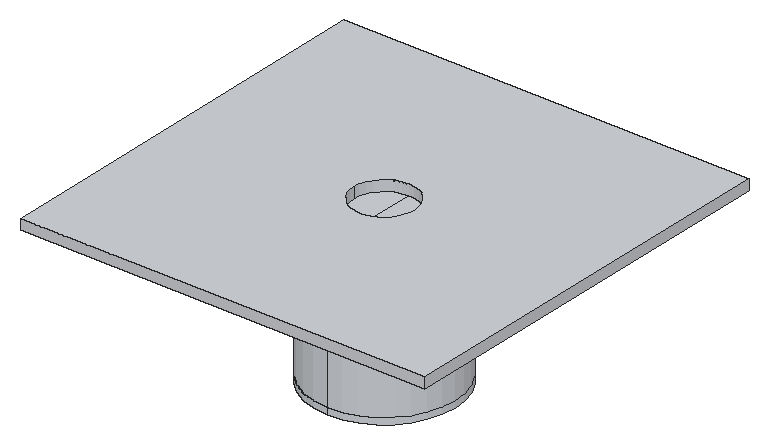
Revit family "Civic 210x225", category Lighting Fixtures, Revit 2014
Parameters (values of type "Civic Ø210 x 225H")
  Wattage Comments = "17.5"
  Wattage = 17.5 W
  built-in parameter 1150110 = 1 (stored number, unit not read)
  Type Comments = "Recessed"
  Type = "Civic Ø210 x 225H"
  built-in parameter 1114217 = 1 (stored number, unit not read)
  built-in parameter 1150109 = 1 (stored number, unit not read)
  built-in parameter 1150134 = 12
  built-in parameter 1150113 = 1 (stored number, unit not read)
  O/A Diameter (mm) = "210"
  Model = "A4000/S-JJL"
  Manufacturer = "Designed Architectural Lighting"
  Luminous flux of luminaire (lm) = "2500 Lumens"
  Lumens = 2450 lm
  built-in parameter 1150115 = 1 (stored number, unit not read)
  built-in parameter 1150105 = 779.86 (stored number, unit not read)
  Light Source Symbol Size = 609.6 mm
  built-in parameter 1150137 = (empty or 0)
  built-in parameter 1150139 = (empty or 0)
  built-in parameter 1150112 = 1 (stored number, unit not read)
  built-in parameter 1150114 = 1 (stored number, unit not read)
  Lamp = "LED"
  built-in parameter 1150132 = (empty or 0)
  built-in parameter 1150102 = (empty or 0)
  built-in parameter 1150138 = (empty or 0)
  built-in parameter 1150107 = 4000 (stored number, unit not read)
  built-in parameter 1150106 = 7.7986 (stored number, unit not read)
  Height (mm) = "225"
  built-in parameter 1150104 = 13.006 (stored number, unit not read)
  Dimming Lamp Color Temperature Shift = <None>
  Description = "Recessed low brightness LED trimless downlighter"
  Colour temperature (K) = "4000K"
  Color Filter = 16777215
  CRI = "90"
  built-in parameter 1114218 = 1 (stored number, unit not read)
  built-in parameter 1150133 = 10 (stored number, unit not read)
  Apparent Load = 17.5 VA
Reference planes
  plane 1 "Light Source Axis (F/B)": y = 0
  plane 2: z = 0
  plane 3 "Light Source Axis (L/R)": x = 0
  plane 4 "Light Source Elevation": z = 0
Forms (mm)
  Extrusion 1, solid
    sketch origin (-38.915, -66.181, 0) x (1, 0, 0) y (0, 1, 0)
      loop
        line (-261.085, 366.181) -> (-261.085, -233.819) -> (338.915, -233.819) -> (338.915, 366.181) -> (-261.085, 366.181)
      loop
        circle (38.915, 66.181) r 45
    from 225.507 to 241.047
  Revolve 2, solid
    sketch origin (0, 0, 8.75) x (0, 1, 0) y (0, 0, 1)
      loop
        line (95.296, 1.852) -> (89.072, 1.852)
        arc (89.072, 1.852) -> (70.486, 38.913) -> (39.433, 66.385) r 109.289
        line (39.433, 66.385) -> (39.433, 70.042) -> (43.936, 74.546) -> (43.936, 76.398) -> (43.936, 81.588) -> (42.074, 81.588) -> (42.074, 75.627) -> (38.538, 72.092)
        arc (38.538, 72.092) -> (38.011, 71.339) -> (37.774, 70.452) r 2.645
        line (37.774, 70.452) -> (37.774, 64.193)
        arc (37.774, 64.193) -> (68.853, 37.383) -> (87.118, 0.625) r 103.852
        line (87.118, 0.625) -> (97.118, 0.625) -> (97.118, 10.012) -> (95.296, 10.012) -> (95.296, 1.852)
      axis (0, 81.588) -> (0, 0.625)
    angle from 0 to 360
  Revolve 3, solid
    sketch origin (0, 0, 0) x (0, 1, 0) y (0, 0, 1)
      loop
        line (105.444, 210.273) -> (101.203, 210.273) -> (101.203, 9.425) -> (105.444, 9.425) -> (105.444, 210.273)
      axis (0, 210.273) -> (0, 9.425)
    angle from 0 to 360
  Revolve 4, solid
    sketch origin (0, 0, -8.75) x (0, 1, 0) y (0, 0, 1)
      loop
        line (63.425, 173.758) -> (0, 173.758) -> (0, 122.967) -> (63.425, 122.967) -> (63.425, 173.758)
      axis (0, 173.758) -> (0, 122.967)
    angle from 0 to 360
  Revolve 5, solid
    sketch origin (0, 0, 26.25) x (0, 1, 0) y (0, 0, 1)
      loop
        line (25.44, 85.083) -> (0, 85.083) -> (0, 82.506) -> (25.44, 82.506) -> (25.44, 85.083)
      axis (0, 85.083) -> (0, 82.506)
    angle from 0 to 360
  Revolve 6, solid
    sketch origin (0, 0.222, 30.912) x (0, 1, 0) y (0, 0, 1)
      loop
        arc (37.551, 47.04) -> (33.311, 63.269) -> (25.009, 77.844) r 64.149
        line (25.009, 77.844) -> (24.013, 77.844)
        arc (24.013, 77.844) -> (32.101, 63.623) -> (36.557, 47.88) r 67.996
        line (36.557, 47.88) -> (36.557, 42.04) -> (37.551, 42.04) -> (37.551, 47.04)
      axis (0, 77.844) -> (0, 42.04)
    angle from 0 to 360
  Revolve 7, solid
    sketch origin (0, 0, 0) x (0, 1, 0) y (0, 0, 1)
      loop
        line (87.164, 225.507) -> (0, 225.507) -> (0, 220.87) -> (87.164, 220.87) -> (87.164, 225.507)
      axis (0, 225.507) -> (0, 220.87)
    angle from 0 to 360
  Revolve 8, solid
    sketch origin (0, 0, 29.493) x (0, 1, 0) y (0, 0, 1)
      loop
        line (101.18, 85.083) -> (0, 85.083) -> (0, 82.506) -> (101.18, 82.506) -> (101.18, 85.083)
      axis (0, 85.083) -> (0, 82.506)
    angle from 0 to 360
  Revolve 9, solid
    sketch origin (0, 0, -8.452) x (0, 1, 0) y (0, 0, 1)
      loop
        line (105, 228.903) -> (0, 228.903) -> (0, 219.051) -> (105, 219.051) -> (105, 228.903)
      axis (0, 228.903) -> (0, 219.051)
    angle from 0 to 360
  Revolve 10, solid
    sketch origin (0, 0, -0.625) x (0, 1, 0) y (0, 0, 1)
      loop
        line (95.296, 2.454) -> (87.118, 2.454) -> (87.118, 0.625) -> (105.505, 0.625) -> (105.505, 10.012) -> (95.296, 10.012) -> (87.118, 10.012) -> (87.118, 5.271) -> (95.296, 5.271) -> (95.296, 2.454)
      axis (0, 10.012) -> (0, 0.625)
    angle from 0 to 360
Dimensions and locks
  aligned and locked: plane 3 "Light Source Axis (L/R)" to imposter light
  aligned and locked: plane 1 "Light Source Axis (F/B)" to imposter light
  aligned and locked: plane 4 "Light Source Elevation" to imposter light
  aligned and locked: level to plane 2
